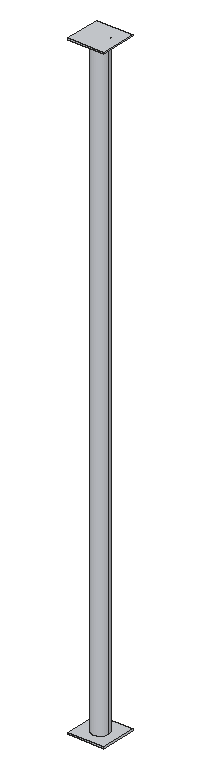
Revit family "Reshoring Poles Titan-HV", category Columns, Revit 2021
Family settings
  Work Plane-Based = No
  Cut with Voids When Loaded = No
  Automatically joins geometry to walls = No
  Shared = Yes
  Show family pre-cut in plan views = Yes
Parameters (values of type "Titan HV#3")
  Shore Dia. = 0' - 2 19/32"
  Pour Name [instance] = ""
  Plate Thickness = 0' - 0 3/16"
  Model = "Titan HV#3"
  Min. Height = 7' - 10"
  Max. Height = 11' - 7"
  Lookup_Table = "Lookup_Titan-HV3"
  Load Set [instance] = 1.00 lbf
  Load Capacity [instance] = Load Calc * Load Set  # 9750.00 lbf
  Load Calc [instance] = size_lookup(Lookup_Table, "Capacity", 9, Height_Lookup)  # 9750
  Height_Lookup [instance] = rounddown(Height / 0' 1") * 0' 1"  # 8' - 1"
  Height Calc [instance] = if(Height < Min. Height, Min. Height, if(Height < Max. Height, Height, Max. Height))  # 8' - 1 1/2"
  Height [instance] = 8' - 1 1/2"
  Default Elevation = 0' - 0"
  Clear Shore Height [instance] = 8' - 1 1/2"
  Base Plate Sq = 0' - 5 23/32"
Types (7): name | Model | Min. Height | Max. Height | Lookup_Table | Load Capacity | Load Calc | Height_Lookup | Height Calc | Height | Clear Shore Height
  Titan HV#1 | "Titan HV#1" | 4' - 4" | 6' - 7" | "Lookup_Titan-HV1" | 11100.00 lbf | 11100 | 5' - 0" | 5' - 0" | 5' - 0" | 5' - 0"
  Titan HV#2 | "Titan HV#2" | 6' - 7" | 10' - 8" | "Lookup_Titan-HV2" | 9.00 lbf | 9 | 6' - 6" | 6' - 7" | 6' - 7" | 7' - 10"
  Titan HV#3 | "Titan HV#3" | 7' - 10" | 11' - 7" | "Lookup_Titan-HV3" | 9750.00 lbf | 9750 | 8' - 1" | 8' - 1 1/2" | 8' - 1 1/2" | 8' - 1 1/2"
  Titan HV#4 | "Titan HV#4" | 9' - 8" | 14' - 4" | "Lookup_Titan-HV4" | 12900.00 lbf | 12900 | 9' - 8" | 9' - 8" | 9' - 8" | 7' - 10"
  Titan HV#5 | "Titan HV#5" | 10' - 10" | 18' - 10" | "Lookup_Titan-HV5" | 9.00 lbf | 9 | 10' - 9" | 10' - 10" | 10' - 10" | 7' - 10"
  Titan HV#5 +2' Ext | "Titan HV#5 +2' Ext" | 19' - 0" | 20' - 10" | "Lookup_Titan-HV5w1Ext" | 5500.00 lbf | 5500 | 19' - 0" | 19' - 0" | 19' - 0" | 7' - 10"
  Titan HV#5 +4' Ext | "Titan HV#5 +4' Ext" | 21' - 0" | 22' - 10" | "Lookup_Titan-HV5w2Ext" | 3600.00 lbf | 3600 | 21' - 0" | 21' - 0" | 21' - 0" | 7' - 10"
Reference planes (in)
  plane 1 "Center (Front/Back)": y = 0
  plane 2 "Bottom": z = 0
  plane 3 "Center (Left/Right)": x = 0
  plane 4 "Top": z = 97.5
  plane 5: z = 0.1875
  plane 6: z = 97.3125
  plane 7: x = -2.85937
  plane 8: x = 2.85938
  plane 9: y = 2.85937
  plane 10: y = -2.85938
Forms (in)
  Extrusion 1, solid
    sketch origin (0, 0, 0) x (1, 0, 0) y (0, 1, 0)
      loop
        line (-2.85937, 2.85937) -> (-2.85937, -2.85938) -> (2.85938, -2.85938) -> (2.85938, 2.85937) -> (-2.85937, 2.85937)
    from 0 to 0.1875
  Extrusion 2, solid
    sketch origin (0, 0, 97.5) x (-1, 0, 0) y (0, -1, 0)
      loop
        line (2.85937, 2.85938) -> (-2.85938, 2.85938) -> (-2.85938, -2.85937) -> (2.85937, -2.85937) -> (2.85937, 2.85938)
    from 0 to -0.1875
  Extrusion 3, solid
    sketch origin (0, 0, 0) x (1, 0, 0) y (0, 1, 0)
      loop
        circle (0, 0) r 1.29688
    from 0 to 97.5
Cuts and joins
  joined: Extrusion 1, Extrusion 2, Extrusion 3
Lines and regions (in)
  reference lines
    curve 1: line (0, 0, 0) -> (0, 0, 97.5)
  model lines, style "InvisibleLines"
    curve 2: circle (0, 0, 97.5) r 1.29688 normal (0, 0, 1)
Dimensions and locks (in)
  "Base Plate Sq": Extrusion 1 sketch curve to Extrusion 1 sketch curve  (x2)
  equal spacing: Extrusion 1 sketch curve, plane 1 "Center (Front/Back)", Extrusion 1 sketch curve
  equal spacing: Extrusion 1 sketch curve, plane 3 "Center (Left/Right)", Extrusion 1 sketch curve
  "Plate Thickness": plane 5 to plane 2 "Bottom"
  "Plate Thickness": plane 4 "Top" to plane 6
  equal spacing: plane 10, plane 1 "Center (Front/Back)", plane 9
  "Base Plate Sq": plane 10 to plane 9
  equal spacing: plane 7, plane 3 "Center (Left/Right)", plane 8
  "Base Plate Sq": plane 7 to plane 8
  "Height Calc": plane 4 "Top" to plane 2 "Bottom"
  "Clear Shore Height": plane 4 "Top" to level
  "Shore Dia.": diameter of curve 2
  aligned and locked: plane 2 "Bottom" to level
  aligned and locked: level to curve 1
  aligned and locked: plane 4 "Top" to curve 1
  aligned and locked: plane 3 "Center (Left/Right)" to curve 1
  aligned and locked: plane 5 to Extrusion 1
  aligned and locked: Extrusion 1 to plane 2 "Bottom"
  aligned and locked: Extrusion 2 sketch curve to Extrusion 1  (x4)
  aligned and locked: Extrusion 2 to plane 6
  aligned and locked: Extrusion 3 sketch curve to curve 2
  aligned and locked: plane 4 "Top" to Extrusion 3
Automatic sketch dimensions
  plane 1 "Center (Front/Back)" to curve 2 = 0' - 0"
  curve 2 to plane 3 "Center (Left/Right)" = 0' - 0"
